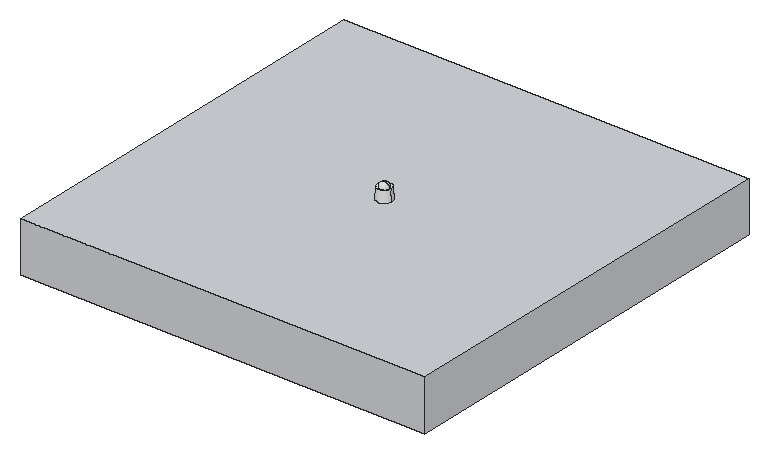
Revit family "Legrand_Gestion_eclairage_Detect_mvt_autonome_360D_Etanche_Blanc_Plafond", category Dispositifs d'éclairage, Revit 2020
Family settings
  Hôte = Face
  Conserver l'orientation des annotations = Non
  Cote de connecteur circulaire = Utiliser le diamètre
  Type d'élément = Normal
  Couper avec des vides une fois chargée = Non
  Partagée = Non
  Point de calcul de pièce = Non
Parameters
  Ø zone en plan [instance] = 6000 mm
  Zone de detection [instance] = no
  URL = "http://www.legrandoc.com/069780"
  Télécommandable = "non"
  Type de tension = "AC"
  Tension nominale (V) = "230"
  Température (MIN) (°C) = 0
  Température (MAX) (°C) = 55
  Sensibilité réglable = "oui"
  Sensibilité lumineuse réglable = "oui"
  Sensibilité lumineuse (MIN) (lx) = 10
  Sensibilité lumineuse (MAX) (lx) = 4000
  Réglage de lumière constante = "oui"
  Product ID = "069780"
  Numéro RAL = "9016"
  Mode de montage = "apparent"
  Indication distance [instance] = Ø zone en plan / 1000  # 6 mm
  Image du type = PH3.jpg
  Hauteur maxi de montage (m) = "4"
  Gestion alarme = "non"
  Gestion CVC = "non"
  Fréquence (MIN) (Hz) = 50
  Fréquence (MAX) (Hz) = 60
  Fonction variateur intégrée = "non"
  Fabricant = "LEGRAND"
  Exécution = "détecteur de mouvement"
  Etiquette [instance] = no
  Entrée secondaire = "non"
  Default Elevation = 0 mm
  ETIM-5.0 Class = "EC000133"
  Durée d'enclenchement min (s) = "12"
  Durée d'enclenchement max (mn) = "16"
  Description = "DETECTEUR DE MOUVEMENT ETANCHE 360DEGRES OCRE BLANC"
  Courant de démarrage max (A) = "8.5"
  Coupure forcée = "non"
  Couleur = "blanc"
  Condition Générale d'Utilisation = "https://export.legrand.com/CGU-objets-BIM"
  Code d'assemblage = "D5010200"
  Classe de protection (IP) = "IP55"
  Capacité de coupure max (W) = 1000
  Angle de détection horizontal (MIN) (°) = 0
  Angle de détection horizontal (MAX) (°) = 360
  Adapté pour transmission sans fil = "non"
Reference planes
  plane 1 "Centre (avant/arrière)": y = 0
  plane 2: z = 0
  plane 3 "Centre (gauche/droite)": x = 0
Forms (mm)
  Extrusion 1, solid
    sketch origin (0, 0, 0) x (1, 0, 0) y (0, 1, 0)
      loop
        line (-1219.2, 1219.2) -> (-1219.2, -1219.2) -> (1219.2, -1219.2) -> (1219.2, 1219.2) -> (-1219.2, 1219.2)
    from 0 to -304.8
Dimensions and locks
  aligned and locked: plane 2 to Extrusion 1
  aligned and locked: level to Extrusion 1
  aligned and locked: nested 1 to plane 3 "Centre (gauche/droite)"
  aligned and locked: nested 1 to plane 1 "Centre (avant/arrière)"
  aligned and locked: nested 2 to plane 2
  aligned and locked: plane 3 "Centre (gauche/droite)" to nested 2
  aligned and locked: plane 1 "Centre (avant/arrière)" to nested 2
Nested families
  nested 1: "Zone Plafond" at (0, 0, 0), visible <- "Zone de detection", Ø zone en plan <- "Ø zone en plan", type "Zone Plafond"
    with Ø zone en plan 6000 mm, Ø Interieur 4000 mm
  nested 2: "048898" at (0, 0, 0), type "048898"
  nested 3: "Symbole B" at (0, 0, 0), type "Symbole B"
  nested 4: "Détection 360° 8x6m" at (0, 195.146, 0), visible <- "Etiquette", Indication distance <- "Indication distance", type "Détection 360° 8x6m"
    with Indication distance 6 mm
Connectors
  electrical at (0, 0, 0)
    settings: on nested 2, index 1, voltage 230 V, apparent load 0 VA, apparent load phase1 0 VA, apparent load phase2 0 VA, apparent load phase3 0 VA, power factor 1, load classification "Autre", number of poles 1, system type 31, power factor state 1, is connector primary yes, connector utility no, sub classification motor no, connector description ""
Definition of nested family "048898"
  Parameters (values of type "048898")
    Default Elevation = 0 mm
  Reference planes
    plane 1 "Centre (avant/arrière)": y = 0
    plane 2: z = 0
    plane 3 "Centre (gauche/droite)": x = 0
  Forms (mm)
    Revolve 1, solid
      sketch origin (0, 0, 0) x (-1, 0, 0) y (0, 0, -1)
        loop
          line (0, 0) -> (0, -65.2) -> (41, -65.2)
          arc (41, -65.2) -> (43.378, -32.633) -> (44.526, 0) r 865.317
          line (44.526, 0) -> (0, 0)
        axis (0, 0) -> (0, -65.2)
      angle from 0 to 360
    Revolve 2, solid
      sketch origin (0, 0, 0) x (-1, 0, 0) y (0, 0, -1)
        loop
          arc (0, -91.691) -> (18.988, -83.722) -> (27.988, -65.2) r 29.184
          line (27.988, -65.2) -> (0, -65.2) -> (0, -91.691)
        axis (0, -65.2) -> (0, -91.691)
      angle from 0 to 360
  Dimensions and locks
    aligned and locked: level to plane 2
Definition of nested family "Zone Plafond"
  Parameters (values of type "Zone Plafond")
    Ø zone en plan [instance] = 4000 mm
    Ø Interieur [instance] = Ø zone en plan / 1.5  # 2666.667 mm
  Reference planes
    plane 1 "Centre (avant/arrière)": y = 0
    plane 2: z = 0
    plane 3 "Centre (gauche/droite)": x = 0
  Lines and regions (mm)
    detail lines, in view "Niveau de réf."
      curve 1: circle (0, 0, 0) r 2000 normal (0, 0, 1)
  Dimensions and locks
    "Ø zone en plan": diameter of curve 1
    aligned and locked: plane 3 "Centre (gauche/droite)" to curve 1
    aligned and locked: plane 1 "Centre (avant/arrière)" to curve 1
Definition of nested family "Symbole B"
  Reference planes
    plane 1: y = 0
    plane 2: x = 0
  Lines and regions (mm)
    detail lines
      curve 1: circle (0, 0, 0) r 0.928 normal (0, 0, 1)
      curve 2: circle (0, 0, 0) r 0.586 normal (0, 0, 1)
      curve 3: spline (-1.335, -1.994, 0) -> (-1.233, -1.818, 0) -> (-1.159, -1.651, 0) -> (-1.116, -1.498, 0) -> (-1.105, -1.365, 0) -> (-1.126, -1.255, 0) -> (-1.179, -1.172, 0) -> (-1.261, -1.119, 0) -> (-1.371, -1.098, 0) -> (-1.505, -1.11, 0) -> (-1.657, -1.153, 0) -> (-1.825, -1.227, 0) -> (-2.001, -1.329, 0)
      curve 4: spline (-1.074, -1.746, 0) -> (-0.972, -1.57, 0) -> (-0.898, -1.403, 0) -> (-0.855, -1.25, 0) -> (-0.844, -1.116, 0) -> (-0.865, -1.006, 0) -> (-0.917, -0.924, 0) -> (-1, -0.871, 0) -> (-1.11, -0.85, 0) -> (-1.244, -0.861, 0) -> (-1.396, -0.905, 0) -> (-1.564, -0.978, 0) -> (-1.74, -1.08, 0)
      curve 5: spline (1.335, -1.994, 0) -> (1.233, -1.818, 0) -> (1.159, -1.651, 0) -> (1.116, -1.498, 0) -> (1.105, -1.365, 0) -> (1.126, -1.255, 0) -> (1.179, -1.172, 0) -> (1.261, -1.119, 0) -> (1.371, -1.098, 0) -> (1.505, -1.11, 0) -> (1.657, -1.153, 0) -> (1.825, -1.227, 0) -> (2.001, -1.329, 0)
      curve 6: spline (1.074, -1.746, 0) -> (0.972, -1.57, 0) -> (0.898, -1.403, 0) -> (0.855, -1.25, 0) -> (0.844, -1.116, 0) -> (0.865, -1.006, 0) -> (0.917, -0.924, 0) -> (1, -0.871, 0) -> (1.11, -0.85, 0) -> (1.244, -0.861, 0) -> (1.396, -0.905, 0) -> (1.564, -0.978, 0) -> (1.74, -1.08, 0)
  Text (mm)
    text "IR" at (-0.268, -1.959, 0)
Definition of nested family "Détection 360° 8x6m"
  Parameters (values of type "Détection 360° 8x6m")
    Indication distance [instance] = 0 mm
  Reference planes
    plane 1: y = 0
    plane 2: x = 0
  Text (mm)
    label "Détection 360°, 8xIndication distancem à 2,5m haut" at (-0.885, 0.234, 0), shows "Indication distance"
